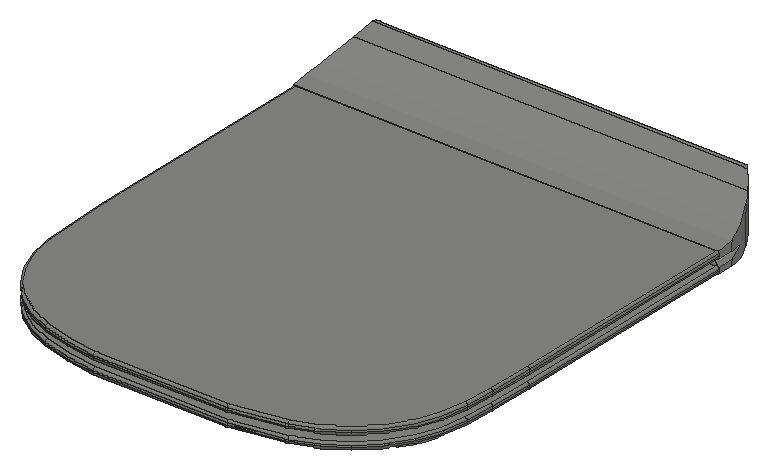
Revit family "Toilet_Seat-Square_Closed_Front-KOHLER-REPLAY-K-23107IN", category Specialty Equipment, host Face, Revit 2021
Family settings
  Host = Face
  Round Connector Dimension = Use Diameter
  Part Type = Normal
  OmniClass Number = 23.31.19.19.17
  OmniClass Title = Water Closet Seats
  Cut with Voids When Loaded = No
  Shared = No
  Room Calculation Point = No
Parameters (values of type "58-Thunder Grey")
  Width = 14.40035"  # constant formula
  WaterSense Certified = 1 = 0  # no
  URL = "https://www.kohler.co.in/"
  Type = 2
  Product Page URL = ""
  Product Name = "Replay"  # constant formula
  Product Documentation Link = ""
  Model = if(Type = 1, "K-23107IN-UF-0", if(Type = 2, "K-23107IN-UF-58", if(Type = 3, "K-23107IN-UF-K4", "NA")))  # "K-23107IN-UF-58"
  Material = "Plastic"  # constant formula
  Master Format 2014 Name = "Toilet, Bath, and Laundry Accessories"  # constant formula
  Master Format 2014 = "10 28 00"  # constant formula
  Manufacturer Address = "Ambience Office Tower NH-8 Gurgaon / Gurugram Haryana , 122001\r\n"  # constant formula
  Manufacturer = "Kohler Co."  # constant formula
  Length = 17 133/256"  # constant formula
  Height = 2 37/128"  # constant formula
  Finish = Kohler-Plastic-58-Thunder_Grey
  Environmental Product Declaration = ""
  Description = "Quiet-close square-front toilet seat"  # constant formula
  Default Elevation = 15"
  Declare Label = ""
  Date Modified = "05/21/2024"  # constant formula
  Date Created = "12/28/2020"  # constant formula
  Copyright = "Copyright Kohler Co."  # constant formula
  Contact Us = "https://www.kohler.co.in/contact-us"
  Assembly Code = "C1030200"
  ADA Compliant = 1 = 0  # no
Types (4): name | Type | Product Page URL | Model | Finish
  (no name) | 2 | "" | "K-23107IN-UF-58" | Kohler-Plastic-58-Thunder_Grey
  0-White | 1 | "https://www.kohler.co.in/p/toilet-seats-bidet-seats/replay-quiet-close-square-front-toilet-seat-23107in-uf?skuId=23107IN-UF-0" | "K-23107IN-UF-0" | Kohler-Plastic-0-White
  58-Thunder Grey | 2 | "" | "K-23107IN-UF-58" | Kohler-Plastic-58-Thunder_Grey
  K4-Cashmere | 3 | "" | "K-23107IN-UF-K4" | Kohler-Plastic-K4-Cashmere
Reference planes (in)
  plane 1 "Center (Front/Back)": y = 0
  plane 2: z = 0
  plane 3 "Center (Left/Right)": x = 0
  plane 4: x = 7.19971
  plane 5: x = -7.20064
  plane 6: y = 8.75977
  plane 7: y = -8.75977
  plane 8: x = -4.53578
  plane 9: x = 4.53578
  plane 10: y = 4.9196
  plane 11: y = -6.09147
  plane 12: z = 2.28906
  plane 13: z = 0.56056
  plane 14: z = -0.00072
  plane 15: z = 1.02534
  plane 16: z = -0.42067
Forms (in)
  Extrusion 1, void
    sketch origin (0, 0, 0) x (1, 0, 0) y (0, 1, 0)
      loop
        arc (5.95664, 2.56571) -> (5.16115, 4.5649) -> (3.5284, 5.96623) r 4.5
        arc (3.5284, 5.96623) -> (-0.15936, 6.80715) -> (-3.81158, 5.8233) r 7.83878
        arc (-3.81158, 5.8233) -> (-5.25819, 4.50458) -> (-5.96031, 2.67736) r 4.25
        arc (-5.96031, 2.67736) -> (-6.08581, 1.56321) -> (-6.16146, 0.44456) r 25.12029
        arc (-6.16146, 0.44456) -> (-6.18863, -1.36452) -> (-6.10658, -3.17194) r 29.96887
        arc (-6.10658, -3.17194) -> (-5.11461, -5.72804) -> (-2.86939, -7.30175) r 4.72095
        arc (-2.86939, -7.30175) -> (0.08116, -7.75219) -> (3.01823, -7.22097) r 9.07415
        arc (3.01823, -7.22097) -> (5.13343, -5.68514) -> (6.09091, -3.25285) r 4.6665
        arc (6.09091, -3.25285) -> (6.19011, -0.33974) -> (5.95664, 2.56571) r 25.53307
    from -0.47868 to 0
Dimensions and locks (in)
  equal spacing: plane 7, plane 1 "Center (Front/Back)", plane 6
  "Length": plane 7 to plane 6
  plane 13 to plane 14 = 0.56128"
  plane 12 to plane 14 = 2.28979"
  plane 10 to plane 11 = 11.01107"
  plane 8 to plane 9 = 9.07155"
  plane 12 to level = 2 37/128"
  "Width": plane 5 to plane 4
  "Height": plane 12 to plane 2
  plane 12 to plane 2 = 2 37/128"
  plane 5 to plane 4 = 14.40035"
  aligned and locked: plane 2 to host face
  aligned and locked: plane 3 "Center (Left/Right)" to nested 1
  aligned and locked: plane 1 "Center (Front/Back)" to nested 1
  aligned and locked: plane 4 to nested 1
  aligned and locked: plane 5 to nested 1
Automatic sketch dimensions
  host sketch curve to host sketch curve = 96"  (x2)
  plane 1 "Center (Front/Back)" to Extrusion 1 sketch curve = 0.92876"
  plane 5 to Extrusion 1 sketch curve = 12.13553"
  Extrusion 1 sketch curve to plane 3 "Center (Left/Right)" = 1.74869"
  Extrusion 1 sketch curve to plane 3 "Center (Left/Right)" = 1.3991"
  Extrusion 1 sketch curve to plane 3 "Center (Left/Right)" = 0.04334"
  Extrusion 1 sketch curve to plane 3 "Center (Left/Right)" = 0.00674"
  plane 3 "Center (Left/Right)" to Extrusion 1 sketch curve = 1.44378"
  plane 3 "Center (Left/Right)" to Extrusion 1 sketch curve = 1.49899"
  plane 1 "Center (Front/Back)" to Extrusion 1 sketch curve = 0.69069"
  plane 4 to Extrusion 1 sketch curve = 11.73345"
  Extrusion 1 sketch curve to Extrusion 1 sketch curve = 4.84363"
  plane 1 "Center (Front/Back)" to Extrusion 1 sketch curve = 1.03014"
  Extrusion 1 sketch curve to Extrusion 1 sketch curve = 1.78545"
  Extrusion 1 sketch curve to Extrusion 1 sketch curve = 1.79795"
  plane 1 "Center (Front/Back)" to Extrusion 1 sketch curve = 0.90982"
  Extrusion 1 sketch curve to plane 1 "Center (Front/Back)" = 1.32111"
  Extrusion 1 sketch curve to Extrusion 1 sketch curve = 0.62873"
  Extrusion 1 sketch curve to Extrusion 1 sketch curve = 0.78642"
  Extrusion 1 sketch curve to plane 1 "Center (Front/Back)" = 0.44456"
  Extrusion 1 sketch curve to Extrusion 1 sketch curve = 0"  (x8)
Nested families (in)
  nested 1: "K-23107IN" at (0, 0, 0), type "K-23107IN"
Definition of nested family "K-23107IN"
  Parameters (values of type "K-23107IN")
    Material = none
    Default Elevation = 0"
  Reference planes (in)
    plane 1 "Center (Front/Back)": y = 0
    plane 2: z = -0.42067
    plane 3 "Center (Left/Right)": x = 0
    plane 4: y = 8.75984
    plane 5: y = -8.75984
    plane 6: x = 7.19971
    plane 7: x = -7.20063
    plane 8: z = 2.28957
    plane 9: y = 8.56895
    plane 10: y = 8.69579
    plane 11: y = 5.1764
    plane 12: x = 6.95728
    plane 13: x = -6.95728
    plane 14: z = 2.26401
    plane 15: z = 1.02534
    plane 16: z = 0.67323
    plane 17: z = 0.56106
    plane 18: z = 0.19707
    plane 19: z = -0.00022
    plane 20: z = 0.79697
    plane 21: z = 0.94807
    plane 22: z = 0.34003
    plane 23: y = 4.9196
    plane 24: y = -6.09147
    plane 25: x = -4.53578
    plane 26: x = 4.53578
  Forms (in)
    Extrusion 1, solid, material <- "Material", detail levels medium+fine
      sketch origin (0, 0.00846, 0) x (0, 1, 0) y (0, 0, 1)
        loop
          arc (8.22252, 2.2641) -> (8.0409, 2.05074) -> (7.84115, 1.85425) r 3.16865
          arc (7.84115, 1.85425) -> (6.95973, 1.28625) -> (5.94412, 1.0253) r 3.28126
          line (5.94412, 1.0253) -> (5.94412, 0.19685) -> (6.32725, 0.19685)
          arc (6.32725, 0.19685) -> (6.48926, 0.20551) -> (6.64943, 0.23139) r 1.52012
          line (6.64943, 0.23139) -> (8.29102, 0.5874)
          arc (8.29102, 0.5874) -> (8.62109, 0.82878) -> (8.66341, 1.2355) r 0.50385
          line (8.66341, 1.2355) -> (8.33564, 2.24428)
          arc (8.33564, 2.24428) -> (8.28504, 2.28822) -> (8.22252, 2.2641) r 0.065
      from -7.20082 to 7.19971
    Extrusion 2, void
      sketch origin (0, 0, -0.42067) x (1, 0, 0) y (0, 1, 0)
        loop
          line (-7.25003, 8.825) -> (-7.25003, 5.98392)
          arc (-7.25003, 5.98392) -> (-7.13958, 6.78618) -> (-6.85864, 7.54572) r 3.73162
          arc (-6.85864, 7.54572) -> (-6.15776, 8.38653) -> (-5.15479, 8.825) r 2.3815
          line (-5.15479, 8.825) -> (-7.25003, 8.825)
      from 0 to 3.72923
    Extrusion 3, void
      sketch origin (0, 0, -0.42067) x (-1, 0, 0) y (0, -1, 0)
        loop
          line (-7.25003, -8.825) -> (-5.15479, -8.825)
          arc (-5.15479, -8.825) -> (-6.15776, -8.38653) -> (-6.85864, -7.54572) r 2.3815
          arc (-6.85864, -7.54572) -> (-7.13958, -6.78618) -> (-7.25003, -5.98392) r 3.73162
          line (-7.25003, -5.98392) -> (-7.25003, -8.825)
      from 0 to 3.72923
    Extrusion 4, void
      sketch origin (0, 0, 0) x (0, 1, 0) y (0, 0, 1)
        loop
          line (7.6097, 1.10828) -> (7.52135, 0.09843) -> (8.82736, 0.09843) -> (8.64256, 2.21064) -> (7.97151, 1.58488)
          arc (7.97151, 1.58488) -> (7.72182, 1.3988) -> (7.6097, 1.10828) r 0.56141
      from -5.23945 to 5.27929
    Sweep 5, solid, material <- "Material", detail levels medium+fine
      path origin (0, 0, -0.42067) x (1, 0, 0) y (0, 1, 0)
        loop
          arc (1.94049, 4.76468) -> (-0.0172, 4.9196) -> (-1.97435, 4.75799) r 12.18392
          arc (-1.97435, 4.75799) -> (-3.56158, 3.92573) -> (-4.3381, 2.31049) r 2.84981
          arc (-4.3381, 2.31049) -> (-4.44262, 1.34185) -> (-4.50685, 0.36971) r 23.46398
          arc (-4.50685, 0.36971) -> (-4.53252, -1.33939) -> (-4.45501, -3.04692) r 28.31256
          arc (-4.45501, -3.04692) -> (-3.81106, -4.70623) -> (-2.35355, -5.72783) r 3.06465
          arc (-2.35355, -5.72783) -> (0.05843, -6.09605) -> (2.45941, -5.66178) r 7.41785
          arc (2.45941, -5.66178) -> (3.82384, -4.67108) -> (4.44148, -3.10209) r 3.0102
          arc (4.44148, -3.10209) -> (4.5343, -0.38027) -> (4.31656, 2.33442) r 23.87677
          arc (4.31656, 2.33442) -> (3.5292, 3.9413) -> (1.94049, 4.76468) r 2.85706
      profile origin (-4.53252, -1.33939, -0.42067) x (-0.999885, -0.015172, 0) y (0, 0, 1)
        loop
          arc (0.2259, 0) -> (0.30879, 0.01564) -> (0.38028, 0.06041) r 0.22749
          arc (0.38028, 0.06041) -> (0.97003, 0.4461) -> (1.65354, 0.61752) r 2.12305
          arc (1.65354, 0.61752) -> (1.78292, 0.65015) -> (1.89429, 0.72364) r 0.3988
          line (1.89429, 0.72364) -> (0, 0.72364) -> (0, 0) -> (0.2259, 0)
    Extrusion 6, void
      sketch origin (-0.02461, 0, -0.0123) x (1, 0, 0) y (0, 0, 1)
        loop
          line (-7.20083, 0.41531) -> (-7.20083, 0.47711)
          arc (-7.20083, 0.47711) -> (-7.19718, 0.50904) -> (-7.18644, 0.53931) r 0.14169
          arc (-7.18644, 0.53931) -> (-7.12334, 0.64588) -> (-7.04403, 0.741) r 0.77325
          arc (-7.04403, 0.741) -> (-7.10466, 0.7684) -> (-7.16291, 0.80055) r 0.83352
          arc (-7.16291, 0.80055) -> (-7.19076, 0.82928) -> (-7.20092, 0.86798) r 0.07881
          line (-7.20092, 0.86798) -> (-7.20092, 0.94071)
          arc (-7.20092, 0.94071) -> (-7.19375, 0.97757) -> (-7.17329, 1.00906) r 0.09837
          line (-7.17329, 1.00906) -> (-7.49567, 1.00906) -> (-7.49567, 0.17861) -> (-6.7861, 0.17861)
          arc (-6.7861, 0.17861) -> (-6.94942, 0.29026) -> (-7.13935, 0.34559) r 0.62839
          arc (-7.13935, 0.34559) -> (-7.18326, 0.36883) -> (-7.20083, 0.41531) r 0.07026
      from -9.02454 to -5.05876
    Sweep 7, solid, material <- "Material", detail levels medium+fine
      path origin (0, 0.0123, -0.42067) x (1, 0, 0) y (0, 1, 0)
        loop
          line (-7.20009, 5.94028) -> (-7.20009, -2.09385)
          arc (-7.20009, -2.09385) -> (-7.19161, -2.85725) -> (-7.16619, -3.62028) r 34.38665
          arc (-7.16619, -3.62028) -> (-7.14108, -4.10738) -> (-7.10907, -4.59407) r 34.38665
          arc (-7.10907, -4.59407) -> (-6.23548, -6.865) -> (-4.24763, -8.26813) r 4.19188
          arc (-4.24763, -8.26813) -> (-3.28265, -8.52718) -> (-2.2942, -8.67298) r 8.63131
          arc (-2.2942, -8.67298) -> (-0.03245, -8.77316) -> (2.22931, -8.67298) r 25.57991
          arc (2.22931, -8.67298) -> (3.14552, -8.54924) -> (4.04662, -8.34237) r 10.11666
          arc (4.04662, -8.34237) -> (6.16917, -6.95791) -> (7.10833, -4.60421) r 4.19829
          arc (7.10833, -4.60421) -> (7.14079, -4.11245) -> (7.16619, -3.62028) r 34.38665
          arc (7.16619, -3.62028) -> (7.19162, -2.85725) -> (7.20009, -2.09385) r 34.38665
          line (7.20009, -2.09385) -> (7.20009, 5.94028)
      profile origin (7.20009, 1.93552, -0.42067) x (-1, 0, 0) y (0, 0, 1)
        loop
          arc (0.36578, 0.63899) -> (0.39559, 0.62319) -> (0.42888, 0.61774) r 0.10429
          line (0.42888, 0.61774) -> (3.05118, 0.61774) -> (3.05118, 0.98173) -> (0.07692, 0.98173)
          arc (0.07692, 0.98173) -> (0.02253, 0.9592) -> (0, 0.90482) r 0.07692
          line (0, 0.90482) -> (0, 0.83831)
          arc (0, 0.83831) -> (0.01932, 0.78707) -> (0.06765, 0.76133) r 0.07763
          arc (0.06765, 0.76133) -> (0.22473, 0.71969) -> (0.36578, 0.63899) r 0.6256
        loop
          line (0.48887, 1.0939) -> (3.05118, 1.0939) -> (3.05118, 1.44601) -> (0.07824, 1.44601)
          arc (0.07824, 1.44601) -> (0.02292, 1.4231) -> (0, 1.36777) r 0.07824
          line (0, 1.36777) -> (0, 1.28903)
          arc (0, 1.28903) -> (0.00956, 1.25186) -> (0.03586, 1.22392) r 0.07704
          arc (0.03586, 1.22392) -> (0.08663, 1.19416) -> (0.1393, 1.1679) r 0.87177
          arc (0.1393, 1.1679) -> (0.21918, 1.13604) -> (0.30182, 1.1122) r 0.87177
          arc (0.30182, 1.1122) -> (0.39473, 1.09678) -> (0.48887, 1.0939) r 0.70377
    Extrusion 8, solid, material <- "Material", detail levels medium+fine
      sketch origin (0, 0.0123, -0.42067) x (1, 0, 0) y (0, 1, 0)
        loop
          arc (-3.28731, -5.37201) -> (-2.66345, -5.53949) -> (-2.02442, -5.63375) r 5.58013
          arc (-2.02442, -5.63375) -> (-0.03245, -5.72198) -> (1.95952, -5.63375) r 22.52872
          arc (1.95952, -5.63375) -> (2.59941, -5.54733) -> (3.22873, -5.40285) r 7.06548
          arc (3.22873, -5.40285) -> (3.80868, -5.02457) -> (4.06529, -4.38146) r 1.14711
          arc (4.06529, -4.38146) -> (4.09487, -3.93334) -> (4.11802, -3.48484) r 31.33546
          arc (4.11802, -3.48484) -> (4.14119, -2.78951) -> (4.14891, -2.09385) r 31.33546
          line (4.14891, -2.09385) -> (4.14891, 5.94028) -> (-4.14891, 5.94028) -> (-4.14891, -2.09385)
          arc (-4.14891, -2.09385) -> (-4.14118, -2.78951) -> (-4.11802, -3.48484) r 31.33546
          arc (-4.11802, -3.48484) -> (-4.09514, -3.92871) -> (-4.06597, -4.37222) r 31.33546
          arc (-4.06597, -4.37222) -> (-3.82824, -4.99019) -> (-3.28731, -5.37201) r 1.1407
      from 1.0939 to 1.44601
    Extrusion 9, solid, material <- "Material", detail levels medium+fine
      sketch origin (0, 0.0123, -0.42067) x (1, 0, 0) y (0, 1, 0)
        loop
          arc (-2.02442, -5.63375) -> (-0.03245, -5.72198) -> (1.95952, -5.63375) r 22.52872
          arc (1.95952, -5.63375) -> (2.59941, -5.54733) -> (3.22873, -5.40285) r 7.06548
          arc (3.22873, -5.40285) -> (3.80868, -5.02457) -> (4.06529, -4.38146) r 1.14711
          arc (4.06529, -4.38146) -> (4.09487, -3.93334) -> (4.11802, -3.48484) r 31.33546
          arc (4.11802, -3.48484) -> (4.14119, -2.78951) -> (4.14891, -2.09385) r 31.33546
          line (4.14891, -2.09385) -> (4.14891, 5.94028) -> (-4.14891, 5.94028) -> (-4.14891, -2.09385)
          arc (-4.14891, -2.09385) -> (-4.14118, -2.78951) -> (-4.11802, -3.48484) r 31.33546
          arc (-4.11802, -3.48484) -> (-4.09514, -3.92871) -> (-4.06597, -4.37222) r 31.33546
          arc (-4.06597, -4.37222) -> (-3.82824, -4.99019) -> (-3.28731, -5.37201) r 1.1407
          arc (-3.28731, -5.37201) -> (-2.66345, -5.53949) -> (-2.02442, -5.63375) r 5.58013
      from 0.61752 to 0.98173
    Extrusion 10, void
      sketch origin (0.02589, 0.0123, -0.0123) x (-1, 0, 0) y (0, 0, -1)
        loop
          arc (-7.19876, -0.41531) -> (-7.18119, -0.36883) -> (-7.13728, -0.34559) r 0.07026
          arc (-7.13728, -0.34559) -> (-6.94735, -0.29026) -> (-6.78403, -0.17861) r 0.62839
          line (-6.78403, -0.17861) -> (-7.49567, -0.17861) -> (-7.49567, -1.00906) -> (-7.17329, -1.00906)
          arc (-7.17329, -1.00906) -> (-7.19375, -0.97757) -> (-7.20092, -0.94071) r 0.09837
          line (-7.20092, -0.94071) -> (-7.20092, -0.86798)
          arc (-7.20092, -0.86798) -> (-7.19076, -0.82928) -> (-7.16291, -0.80055) r 0.07881
          arc (-7.16291, -0.80055) -> (-7.09782, -0.76502) -> (-7.02984, -0.73541) r 0.83352
          arc (-7.02984, -0.73541) -> (-7.11629, -0.63515) -> (-7.18438, -0.52161) r 0.77325
          arc (-7.18438, -0.52161) -> (-7.19512, -0.49133) -> (-7.19876, -0.45941) r 0.14169
          line (-7.19876, -0.45941) -> (-7.19876, -0.41531)
      from -8.21684 to -5.1764
    Extrusion 11, solid, material <- "Material", detail levels medium+fine
      sketch origin (0, 0.0123, 0) x (0, 1, 0) y (0, 0, 1)
        loop
          line (8.66727, 1.0582) -> (8.65866, 1.1566)
          arc (8.65866, 1.1566) -> (8.15552, 1.61764) -> (7.65238, 1.1566) r 0.50506
          line (7.65238, 1.1566) -> (7.64377, 1.0582)
          arc (7.64377, 1.0582) -> (8.15552, 0.49972) -> (8.66727, 1.0582) r 0.5137
      from -5.23945 to 5.27929
    Extrusion 12, solid, material <- "Material", detail levels medium+fine
      sketch origin (0, -0.00137, 0) x (0, 1, 0) y (0, 0, 1)
        loop
          line (7.62648, 0.86063) -> (7.55119, 0) -> (8.75985, 0) -> (8.68455, 0.86063)
          arc (8.68455, 0.86063) -> (8.15552, 1.3454) -> (7.62648, 0.86063) r 0.53105
      from -4.92126 to 4.92126
    Extrusion 13, solid, material <- "Material", detail levels medium+fine
      sketch origin (0, 0.0123, -0.42067) x (1, 0, 0) y (0, 1, 0)
        loop
          arc (6.56339, 2.48134) -> (6.73961, 3.21758) -> (6.59431, 3.96054) r 1.78203
          arc (6.59431, 3.96054) -> (6.49671, 4.03344) -> (6.38462, 3.98572) r 0.12215
          arc (6.38462, 3.98572) -> (6.1405, 3.21651) -> (6.43266, 2.46423) r 1.21382
          arc (6.43266, 2.46423) -> (6.50266, 2.43743) -> (6.56339, 2.48134) r 0.07877
        loop
          arc (-6.56015, 2.48134) -> (-6.49941, 2.43743) -> (-6.42942, 2.46423) r 0.07877
          arc (-6.42942, 2.46423) -> (-6.13725, 3.21651) -> (-6.38138, 3.98572) r 1.21382
          arc (-6.38138, 3.98572) -> (-6.49346, 4.03344) -> (-6.59106, 3.96054) r 0.12215
          arc (-6.59106, 3.96054) -> (-6.73637, 3.21758) -> (-6.56015, 2.48134) r 1.78203
      from 0.42067 to 0.97579
    Extrusion 14, solid, material <- "Material", detail levels medium+fine
      sketch origin (0, 0.0123, -0.42067) x (1, 0, 0) y (0, 1, 0)
        loop
          arc (6.04175, -6.15103) -> (6.4359, -5.50554) -> (6.53472, -4.75572) r 1.82627
          arc (6.53472, -4.75572) -> (6.47603, -4.66884) -> (6.37136, -4.67478) r 0.10612
          arc (6.37136, -4.67478) -> (5.87722, -5.31363) -> (5.89331, -6.12111) r 1.21386
          arc (5.89331, -6.12111) -> (5.95923, -6.17724) -> (6.04175, -6.15103) r 0.08925
        loop
          arc (-6.03851, -6.15103) -> (-5.95599, -6.17724) -> (-5.89006, -6.12111) r 0.08925
          arc (-5.89006, -6.12111) -> (-5.87397, -5.31363) -> (-6.36811, -4.67478) r 1.21386
          arc (-6.36811, -4.67478) -> (-6.47278, -4.66884) -> (-6.53147, -4.75572) r 0.10612
          arc (-6.53147, -4.75572) -> (-6.43265, -5.50554) -> (-6.03851, -6.15103) r 1.82627
      from 0.42067 to 1.1131
    Extrusion 15, solid, material <- "Material", detail levels coarse
      sketch origin (0, 0, 0) x (0, 1, 0) y (0, 0, 1)
        loop
          line (-8.75984, 0) -> (8.85223, 0) -> (8.65042, 2.30674)
          arc (8.65042, 2.30674) -> (8.46258, 2.52734) -> (8.19253, 2.42238) r 0.25
          arc (8.19253, 2.42238) -> (7.26631, 1.52913) -> (6.04662, 1.11909) r 2.92882
          line (6.04662, 1.11909) -> (-8.75984, 1.11909) -> (-8.75984, 0)
      from -7.20082 to 7.19971
    Extrusion 16, solid, material <- "Material", detail levels coarse
      sketch origin (0, 0, -0.42067) x (1, 0, 0) y (0, 1, 0)
        loop
          spline (-0.00055, -6.8509) -> (1.35825, -6.63793) -> (2.62445, -6.01355) -> (3.71176, -5.02031) -> (4.54608, -3.7259) -> (5.07056, -2.21851) -> (5.24945, -0.6009) -> (5.07056, 1.01672) -> (4.54608, 2.5241) -> (3.71176, 3.81852) -> (2.62445, 4.81176) -> (1.35825, 5.43614) -> (-0.00055, 5.6491)
          spline (-0.00055, 5.6491) -> (-1.35935, 5.43614) -> (-2.62555, 4.81176) -> (-3.71286, 3.81852) -> (-4.54719, 2.5241) -> (-5.07166, 1.01672) -> (-5.25055, -0.6009) -> (-5.07166, -2.21851) -> (-4.54719, -3.7259) -> (-3.71286, -5.02031) -> (-2.62555, -6.01355) -> (-1.35935, -6.63793) -> (-0.00055, -6.8509)
      from 0 to 1.53976
  Cuts and joins
    Extrusion 2, Extrusion 3, Extrusion 4, Extrusion 6, Extrusion 10 cuts Extrusion 1
    joined: Sweep 5, Sweep 7, Extrusion 8, Extrusion 9, Extrusion 11, Extrusion 12, Extrusion 13, Extrusion 14
    joined: Extrusion 15, Extrusion 16
  Lines and regions (in)
    Masking region 1
      outline origin (0, 0, -0.42067) x (1, 0, 0) y (0, 1, 0)
        loop
          arc (-6.85864, 7.54572) -> (-7.06887, 7.0322) -> (-7.20063, 6.49319) r 3.73162
          line (-7.20063, 6.49319) -> (-7.20063, -2.4678)
          arc (-7.20063, -2.4678) -> (-7.18357, -3.37448) -> (-7.13241, -4.27989) r 24.10143
          arc (-7.13241, -4.27989) -> (-7.11178, -4.52146) -> (-7.08635, -4.76258) r 12.19531
          arc (-7.08635, -4.76258) -> (-6.42787, -6.58611) -> (-5.02423, -7.92352) r 4.22486
          arc (-5.02423, -7.92352) -> (-3.95542, -8.3696) -> (-2.82287, -8.6119) r 6.28211
          arc (-2.82287, -8.6119) -> (-1.41388, -8.73253) -> (0, -8.75984) r 21.40032
          arc (0, -8.75984) -> (1.41388, -8.73253) -> (2.82287, -8.6119) r 21.40032
          arc (2.82287, -8.6119) -> (3.95015, -8.37125) -> (5.01448, -7.92868) r 6.28211
          arc (5.01448, -7.92868) -> (6.42415, -6.5904) -> (7.08543, -4.76258) r 4.22486
          arc (7.08543, -4.76258) -> (7.11086, -4.52146) -> (7.1315, -4.27989) r 12.19531
          arc (7.1315, -4.27989) -> (7.18265, -3.37448) -> (7.19971, -2.4678) r 24.10143
          line (7.19971, -2.4678) -> (7.19971, 6.49863)
          arc (7.19971, 6.49863) -> (7.06802, 7.03483) -> (6.85864, 7.54572) r 3.73162
          arc (6.85864, 7.54572) -> (6.33844, 8.23638) -> (5.60594, 8.69579) r 2.3815
          line (5.60594, 8.69579) -> (5.23945, 8.69579) -> (4.92126, 8.69579) -> (4.92126, 8.75985) -> (-4.92126, 8.75985) -> (-4.92126, 8.69579) -> (-5.23945, 8.69579) -> (-5.60594, 8.69579)
          arc (-5.60594, 8.69579) -> (-6.33844, 8.23638) -> (-6.85864, 7.54572) r 2.3815
    Masking region 2
      outline origin (0, 0, 0) x (0, 1, 0) y (0, 0, 1)
        loop
          line (8.75985, 0) -> (8.67725, 0.94408)
          arc (8.67725, 0.94408) -> (8.69572, 1.09016) -> (8.67117, 1.23535) r 0.50385
          line (8.67117, 1.23535) -> (8.3428, 2.24596)
          arc (8.3428, 2.24596) -> (8.32489, 2.27393) -> (8.29558, 2.28957) r 0.06573
          line (8.29558, 2.28957) -> (8.26409, 2.28957)
          arc (8.26409, 2.28957) -> (8.24734, 2.27911) -> (8.23349, 2.26503) r 0.08419
          arc (8.23349, 2.26503) -> (7.86882, 1.86938) -> (7.44246, 1.54114) r 3.16865
          arc (7.44246, 1.54114) -> (6.60841, 1.157) -> (5.69963, 1.02535) r 3.20233
          line (5.69963, 1.02535) -> (-8.68257, 1.02535)
          arc (-8.68257, 1.02535) -> (-8.73721, 1.00271) -> (-8.75984, 0.94807) r 0.07727
          line (-8.75984, 0.94807) -> (-8.75984, 0.87007)
          arc (-8.75984, 0.87007) -> (-8.74877, 0.82806) -> (-8.71842, 0.79697) r 0.08522
          arc (-8.71842, 0.79697) -> (-8.50317, 0.70473) -> (-8.27112, 0.67323) r 0.87034
          line (-8.27112, 0.67323) -> (-6.1667, 0.67323) -> (-6.1667, 0.56106) -> (-8.68292, 0.56106)
          arc (-8.68292, 0.56106) -> (-8.73731, 0.53853) -> (-8.75984, 0.48414) r 0.07692
          line (-8.75984, 0.48414) -> (-8.75984, 0.41839)
          arc (-8.75984, 0.41839) -> (-8.7401, 0.36616) -> (-8.69075, 0.34003) r 0.07899
          arc (-8.69075, 0.34003) -> (-8.53325, 0.29851) -> (-8.39206, 0.21729) r 0.6182
          arc (-8.39206, 0.21729) -> (-8.36392, 0.20226) -> (-8.33244, 0.19707) r 0.09798
          line (-8.33244, 0.19707) -> (-7.767, 0.19707)
          arc (-7.767, 0.19707) -> (-7.07621, 0.03133) -> (-6.48096, -0.35641) r 2.08805
          arc (-6.48096, -0.35641) -> (-6.40522, -0.40403) -> (-6.31731, -0.42067) r 0.24053
          line (-6.31731, -0.42067) -> (5.14711, -0.42067)
          arc (5.14711, -0.42067) -> (5.22823, -0.40539) -> (5.29823, -0.36164) r 0.22296
          arc (5.29823, -0.36164) -> (5.88639, 0.02343) -> (6.56763, 0.19699) r 2.13871
          arc (6.56763, 0.19699) -> (6.65785, 0.21421) -> (6.74255, 0.24975) r 0.44117
          line (6.74255, 0.24975) -> (7.5891, 0.43334) -> (7.55119, 0) -> (8.75985, 0)
        loop
          line (5.95258, 0.56106) -> (5.95258, 0.67323) -> (-4.64551, 0.67323) -> (-4.64551, 0.56106) -> (5.95258, 0.56106)
    Masking region 3
      outline origin (0, 0, 0) x (1, 0, 0) y (0, 0, 1)
        loop
          line (6.27705, 2.28957) -> (-6.27705, 2.28957)
          arc (-6.27705, 2.28957) -> (-6.31397, 2.28553) -> (-6.34431, 2.2641) r 0.07419
          spline (-6.34431, 2.2641) -> (-6.37436, 2.2285) -> (-6.40402, 2.19315) -> (-6.43328, 2.15803) -> (-6.46213, 2.12317) -> (-6.49057, 2.08856) -> (-6.5186, 2.05422) -> (-6.54619, 2.02016) -> (-6.57336, 1.98638) -> (-6.60009, 1.95289) -> (-6.62637, 1.9197) -> (-6.65221, 1.88682) -> (-6.67759, 1.85425)
          spline (-6.67759, 1.85425) -> (-6.69406, 1.83312) -> (-6.71029, 1.81214) -> (-6.72628, 1.79132) -> (-6.74201, 1.77067) -> (-6.7575, 1.75019) -> (-6.77272, 1.72987) -> (-6.7877, 1.70973) -> (-6.80241, 1.68976) -> (-6.81686, 1.66997) -> (-6.83106, 1.65036) -> (-6.84498, 1.63093) -> (-6.85864, 1.61169)
          spline (-6.85864, 1.61169) -> (-6.89741, 1.55851) -> (-6.93443, 1.50738) -> (-6.96968, 1.45836) -> (-7.0031, 1.4115) -> (-7.03466, 1.36687) -> (-7.06432, 1.32452) -> (-7.09205, 1.28449) -> (-7.11781, 1.24683) -> (-7.14157, 1.21159) -> (-7.16332, 1.17881) -> (-7.18301, 1.14852) -> (-7.20063, 1.12076)
          line (-7.20063, 1.12076) -> (-7.20063, 0.79635)
          arc (-7.20063, 0.79635) -> (-7.13614, 0.75958) -> (-7.06864, 0.7287) r 0.83352
          arc (-7.06864, 0.7287) -> (-7.14123, 0.64294) -> (-7.20063, 0.54756) r 0.77325
          line (-7.20063, 0.54756) -> (-7.20063, 0.34942)
          arc (-7.20063, 0.34942) -> (-7.18347, 0.33869) -> (-7.16396, 0.33329) r 0.07026
          arc (-7.16396, 0.33329) -> (-6.99512, 0.28746) -> (-6.84547, 0.19685) r 0.62839
          line (-6.84547, 0.19685) -> (-6.73676, 0.19685) -> (-6.73676, 0) -> (-5.81374, 0) -> (-5.81374, 0.12406)
          arc (-5.81374, 0.12406) -> (-5.33705, -0.05747) -> (-4.92281, -0.35512) r 1.97329
          arc (-4.92281, -0.35512) -> (-4.84612, -0.40369) -> (-4.75695, -0.42067) r 0.24263
          line (-4.75695, -0.42067) -> (4.75695, -0.42067)
          arc (4.75695, -0.42067) -> (4.84612, -0.40369) -> (4.92281, -0.35512) r 0.24263
          arc (4.92281, -0.35512) -> (5.338, -0.05696) -> (5.81585, 0.12456) r 1.97329
          line (5.81585, 0.12456) -> (5.81585, 0) -> (6.73676, 0) -> (6.73676, 0.19685) -> (6.84547, 0.19685)
          arc (6.84547, 0.19685) -> (6.99512, 0.28746) -> (7.16396, 0.33329) r 0.62839
          arc (7.16396, 0.33329) -> (7.18292, 0.33845) -> (7.19971, 0.34866) r 0.07026
          line (7.19971, 0.34866) -> (7.19971, 0.54929)
          arc (7.19971, 0.54929) -> (7.14065, 0.64373) -> (7.06864, 0.7287) r 0.77325
          arc (7.06864, 0.7287) -> (7.13566, 0.75934) -> (7.19971, 0.79578) r 0.83352
          line (7.19971, 0.79578) -> (7.19971, 1.12222)
          spline (7.19971, 1.12222) -> (7.18207, 1.14998) -> (7.16237, 1.18025) -> (7.14064, 1.21299) -> (7.1169, 1.24817) -> (7.09119, 1.28573) -> (7.06353, 1.32565) -> (7.03396, 1.36787) -> (7.00251, 1.41234) -> (6.96921, 1.45901) -> (6.9341, 1.50784) -> (6.89723, 1.55875) -> (6.85864, 1.61169)
          spline (6.85864, 1.61169) -> (6.84498, 1.63093) -> (6.83106, 1.65036) -> (6.81686, 1.66997) -> (6.80241, 1.68976) -> (6.7877, 1.70973) -> (6.77272, 1.72987) -> (6.7575, 1.75019) -> (6.74201, 1.77067) -> (6.72628, 1.79132) -> (6.71029, 1.81214) -> (6.69406, 1.83312) -> (6.67759, 1.85425)
          spline (6.67759, 1.85425) -> (6.65221, 1.88682) -> (6.62637, 1.9197) -> (6.60009, 1.95289) -> (6.57336, 1.98638) -> (6.54619, 2.02016) -> (6.5186, 2.05422) -> (6.49057, 2.08856) -> (6.46213, 2.12317) -> (6.43328, 2.15803) -> (6.40402, 2.19315) -> (6.37436, 2.2285) -> (6.34431, 2.2641)
          arc (6.34431, 2.2641) -> (6.31397, 2.28553) -> (6.27705, 2.28957) r 0.07419
    symbolic lines, detail levels medium+fine
      curve 1: line (7.20063, 5.1764, -0.42067) -> (-7.20063, 5.1764, -0.42067)
      curve 2: line (-4.92126, 8.69579, -0.42067) -> (4.92126, 8.69579, -0.42067)
      curve 3: line (5.27929, 8.56895, -0.42067) -> (-5.23945, 8.56895, -0.42067)
      curve 4: line (6.95728, -2.09385, -0.42067) -> (6.95728, 5.94028, -0.42067)
      curve 5: arc (6.92387, -3.59858, -0.42067) -> (6.94893, -2.8464, -0.42067) -> (6.95728, -2.09385, -0.42067) r 33.89777
      curve 6: arc (6.86432, -4.60254, -0.42067) -> (6.89782, -4.10078, -0.42067) -> (6.92387, -3.59858, -0.42067) r 33.89777
      curve 7: arc (6.50885, -5.99326, -0.42067) -> (5.54074, -7.37111, -0.42067) -> (4.06321, -8.17897, -0.42067) r 3.70942
      curve 8: arc (2.33372, -8.4936, -0.42067) -> (3.20566, -8.37584, -0.42067) -> (4.06321, -8.17897, -0.42067) r 9.62779
      curve 9: arc (-1.9239, -8.50888, -0.42067) -> (0.20523, -8.59171, -0.42067) -> (2.33372, -8.4936, -0.42067) r 25.09103
      curve 10: arc (6.86432, -4.60254, -0.42067) -> (6.73298, -5.30976, -0.42067) -> (6.50885, -5.99326, -0.42067) r 5.40192
      curve 11: line (-6.95728, -2.09385, -0.42067) -> (-6.95728, 5.94028, -0.42067)
      curve 12: arc (-6.92387, -3.59858, -0.42067) -> (-6.94893, -2.8464, -0.42067) -> (-6.95728, -2.09385, -0.42067) r 33.89777
      curve 13: arc (-6.86683, -4.56852, -0.42067) -> (-6.89882, -4.08376, -0.42067) -> (-6.92387, -3.59858, -0.42067) r 33.89777
      curve 14: arc (-6.50885, -5.98096, -0.42067) -> (-5.54074, -7.35881, -0.42067) -> (-4.06321, -8.16666, -0.42067) r 3.70942
      curve 15: arc (-1.9239, -8.50888, -0.42067) -> (-3.00321, -8.39814, -0.42067) -> (-4.06321, -8.16666, -0.42067) r 9.62779
      curve 16: arc (-6.86683, -4.56852, -0.42067) -> (-6.73568, -5.28686, -0.42067) -> (-6.50885, -5.98096, -0.42067) r 5.40192
      curve 17: arc (-6.95728, 5.94028, -0.42067) -> (-6.48974, 7.51038, -0.42067) -> (-5.23945, 8.56895, -0.42067) r 2.87015
      curve 18: arc (6.95728, 5.94028, -0.42067) -> (6.50202, 7.49957, -0.42067) -> (5.27929, 8.56895, -0.42067) r 2.89798
      curve 19: line (7.12185, 0, 1.02534) -> (-7.12185, 0, 1.02534)
      curve 20: line (-6.71121, 0, 0.67323) -> (6.71121, 0, 0.67323)
      curve 21: line (7.12317, 0, 0.56106) -> (-7.12317, 0, 0.56106)
      curve 22: line (-6.7712, 0, 0.19707) -> (6.7712, 0, 0.19707)
      curve 23: arc (-6.83431, 0, 0.21833) -> (-6.97536, 0, 0.29902) -> (-7.13244, 0, 0.34066) r 0.6256
      curve 24: arc (-7.20009, 0, 0.48415) -> (-7.17756, 0, 0.53853) -> (-7.12317, 0, 0.56106) r 0.07692
      curve 25: arc (-6.71121, 0, 0.67323) -> (-6.80536, 0, 0.67611) -> (-6.89827, 0, 0.69153) r 0.70377
      curve 26: arc (-6.89827, 0, 0.69153) -> (-6.98091, 0, 0.71537) -> (-7.06079, 0, 0.74723) r 0.87177
      curve 27: arc (-7.06079, 0, 0.74723) -> (-7.11345, 0, 0.77349) -> (-7.16423, 0, 0.80325) r 0.87177
      curve 28: arc (-7.20009, 0, 0.9471) -> (-7.19827, 0, 0.96385) -> (-7.19291, 0, 0.97983) r 0.07824
      curve 29: arc (-7.16423, 0, 0.80325) -> (-7.19053, 0, 0.83119) -> (-7.20009, 0, 0.86836) r 0.07704
      curve 30: arc (-7.13244, 0, 0.34066) -> (-7.18077, 0, 0.3664) -> (-7.20009, 0, 0.41764) r 0.07763
      curve 31: arc (-6.7712, 0, 0.19707) -> (-6.8045, 0, 0.20252) -> (-6.83431, 0, 0.21833) r 0.10429
      curve 32: arc (6.83431, 0, 0.21833) -> (6.97536, 0, 0.29902) -> (7.13244, 0, 0.34066) r 0.6256
      curve 33: arc (7.20009, 0, 0.48415) -> (7.17756, 0, 0.53853) -> (7.12317, 0, 0.56106) r 0.07692
      curve 34: arc (6.71121, 0, 0.67323) -> (6.80536, 0, 0.67611) -> (6.89827, 0, 0.69153) r 0.70377
      curve 35: arc (6.89827, 0, 0.69153) -> (6.98091, 0, 0.71537) -> (7.06079, 0, 0.74723) r 0.87177
      curve 36: arc (7.06079, 0, 0.74723) -> (7.11345, 0, 0.77349) -> (7.16423, 0, 0.80325) r 0.87177
      curve 37: arc (7.20009, 0, 0.9471) -> (7.19827, 0, 0.96385) -> (7.19291, 0, 0.97983) r 0.07824
      curve 38: arc (7.16423, 0, 0.80325) -> (7.19053, 0, 0.83119) -> (7.20009, 0, 0.86836) r 0.07704
      curve 39: arc (7.13244, 0, 0.34066) -> (7.18077, 0, 0.3664) -> (7.20009, 0, 0.41764) r 0.07763
      curve 40: arc (6.7712, 0, 0.19707) -> (6.8045, 0, 0.20252) -> (6.83431, 0, 0.21833) r 0.10429
      curve 41: line (0, -8.27199, 0.67323) -> (0, 5.95258, 0.67323)
      curve 42: line (0, -8.33198, 0.19707) -> (0, 5.95258, 0.19707)
      curve 43: line (0, 2.44907, 0) -> (0, 4.04662, 0)
      curve 44: line (0, -6.1667, 0) -> (0, -4.64551, 0)
      curve 45: line (0, -6.1667, 0) -> (0, -6.1667, 0.19707)
      curve 46: line (0, -4.64551, 0) -> (0, -4.64551, 0.19707)
      curve 47: line (0, 4.04662, 0) -> (0, 4.04662, 0.19707)
      curve 48: line (0, 2.44907, 0) -> (0, 2.44907, 0.19707)
      curve 49: line (0, 5.95258, 0.56106) -> (0, 6.04378, 0.56106)
      curve 50: arc (0, 6.04378, 0.56106) -> (0, 6.99866, 0.75791) -> (0, 7.79785, 1.31636) r 2.41445
      curve 51: arc (0, 5.95258, 0.19707) -> (0, 7.18607, 0.53488) -> (0, 8.07532, 1.45404) r 2.42089
      curve 52: line (0, 7.54991, 0.42484) -> (0, 8.21871, 0.56989)
      curve 53: arc (0, 8.21871, 0.56989) -> (0, 8.51432, 1.22843) -> (0, 7.79785, 1.31636) r 0.44848
      curve 54: line (0, -6.1667, 0.56106) -> (0, -4.64551, 0.56106)
      curve 55: line (0, -8.69075, 0.34003) -> (0, 6.07303, 0.34003)
      curve 56: line (0, -8.39206, 0.21729) -> (0, 6.07303, 0.21729)
      curve 57: line (0, -8.71842, 0.79697) -> (0, 6.04536, 0.79697)
      curve 58: line (0, -8.75984, 0.94807) -> (0, 6.20079, 0.94807)
      curve 59: arc (0, 6.20079, 0.94807) -> (0, 7.40801, 1.30425) -> (0, 8.22855, 2.25869) r 2.22397
      curve 60: arc (0, 6.04536, 0.79697) -> (0, 7.40313, 1.18866) -> (0, 8.34365, 2.24335) r 2.54918
      curve 61: arc (0, 6.07303, 0.34003) -> (0, 7.55433, 0.8786) -> (0, 8.34383, 2.24279) r 2.3064
      curve 62: arc (0, 6.07303, 0.21729) -> (0, 7.24975, 0.5514) -> (0, 8.07532, 1.45404) r 2.23923
      curve 63: line (0, 5.95258, 0.67323) -> (0, 6.19273, 0.67323)
      curve 64: arc (0, 6.19273, 0.67323) -> (0, 7.21177, 0.87617) -> (0, 8.07532, 1.45404) r 2.65993
      curve 65: arc (0, 5.95258, 0.56106) -> (0, 6.2913, 0.43172) -> (0, 6.56763, 0.19699) r 1.07337
      curve 66: line (-6.53696, 0, 0) -> (-6.53696, 0, 0.19707)
      curve 67: line (6.54021, 0, 0) -> (6.54021, 0, 0.19707)
      curve 68: line (-5.81374, 0, 0.12406) -> (-5.81374, 0, 0.19707)
      curve 69: line (5.81585, 0, 0.12456) -> (5.81585, 0, 0.19707)
      curve 70: line (6.53983, 0, 0.56106) -> (6.53983, 0, 0.67323)
      curve 71: line (5.81585, 0, 0.56106) -> (5.81585, 0, 0.67323)
      curve 72: line (-6.53666, 0, 0.56106) -> (-6.53666, 0, 0.67323)
      curve 73: line (-5.81223, 0, 0.56106) -> (-5.81223, 0, 0.67323)
      curve 74: line (-6.34426, 0, 2.26401) -> (6.24028, 0, 2.26401)
      curve 75: arc (6.30797, 0, 2.23374) -> (6.75728, 0, 1.68554) -> (7.15749, 0, 1.10054) r 8.18717
      curve 76: arc (6.24028, 0, 2.26401) -> (6.27735, 0, 2.2561) -> (6.30797, 0, 2.23374) r 0.09083
      curve 77: arc (7.15749, 0, 1.10054) -> (7.18344, 0, 1.0426) -> (7.19291, 0, 0.97983) r 0.23475
      curve 78: arc (-6.30797, 0, 2.23374) -> (-6.75728, 0, 1.68554) -> (-7.15749, 0, 1.10054) r 8.18717
      curve 79: arc (-6.24028, 0, 2.26401) -> (-6.27735, 0, 2.2561) -> (-6.30797, 0, 2.23374) r 0.09083
      curve 80: arc (-7.15749, 0, 1.10054) -> (-7.18344, 0, 1.0426) -> (-7.19291, 0, 0.97983) r 0.23475
      curve 81: line (-6.95728, 0, 0.94807) -> (6.95728, 0, 0.94807)
      curve 82: line (6.95728, 0, 0.79697) -> (-6.95728, 0, 0.79697)
      curve 83: line (-6.95728, 0, 0.34003) -> (6.95728, 0, 0.34003)
      curve 84: arc (6.95728, 0, 0.34003) -> (7.04486, 0, 0.34019) -> (7.13244, 0, 0.34066) r 24.35711
      curve 85: arc (7.20009, 0, 0.86836) -> (7.08382, 0, 0.81519) -> (6.95728, 0, 0.79697) r 0.44861
      curve 86: arc (6.95728, 0, 0.94807) -> (7.08035, 0, 0.93792) -> (7.20009, 0, 0.90773) r 0.75084
      curve 87: arc (-6.95728, 0, 0.79697) -> (-7.08382, 0, 0.81519) -> (-7.20009, 0, 0.86836) r 0.44861
      curve 88: arc (-7.20009, 0, 0.90773) -> (-7.08035, 0, 0.93792) -> (-6.95728, 0, 0.94807) r 0.75082
      curve 89: arc (-7.13244, 0, 0.34066) -> (-7.04486, 0, 0.34019) -> (-6.95728, 0, 0.34003) r 24.35711
      curve 90: arc (7.19291, 0, 0.97983) -> (7.16404, 0, 1.01299) -> (7.12185, 0, 1.02534) r 0.07824
      curve 91: arc (-7.19291, 0, 0.97983) -> (-7.16404, 0, 1.01299) -> (-7.12185, 0, 1.02534) r 0.07824
  Dimensions and locks (in)
    plane 1 "Center (Front/Back)" to plane 4 = 8.75984"
    plane 5 to plane 4 = 17.51969"
    plane 3 "Center (Left/Right)" to plane 6 = 7.19971"
    plane 8 to level = 2.71024"
    plane 23 to plane 24 = 11.01107"
    plane 25 to plane 26 = 9.07155"
    aligned and locked: plane 2 to level
